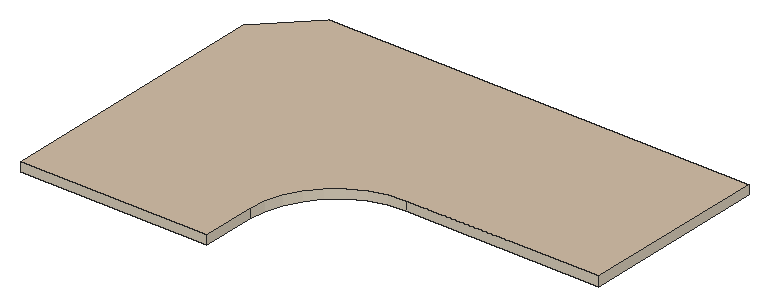
Revit family "M_Sistema de mobiliário-superfície de trabalho-em L com canto quadrado angular", category Sistema de mobiliário, Revit 2019
Family settings
  Cota do conector redondo = Utilizar diâmetro
  Tipo de parte = Normal
  Número OmniClass = 23.40.70.14.64.21
  Título OmniClass = Systems Furniture
  Com base no plano de trabalho = Não
  Sempre na vertical = Sim
  Corte com vazios quando carregada = Não
  Compartilhado = Não
  Ponto de cálculo do ambiente = Não
Parameters (values of type "1500 x 1050 x 600mm")
  Material da superfície de trabalho [instance] = Laminado plástico – Carvalho branco
  Comentários de tipos = "Superfície de trabalho angular em L de canto quadrado de 1050 x 1050 x 600 mm"
  Espessura = 30 mm
  Largura = 1050 mm
  Model = ""
  Manufacturer = ""
  Comprimento = 1500 mm
  Altura = 750 mm
  Material da aresta [instance] = Laminado plástico – Bege – Claro – Suave
  Description = ""
  Linear = 600 mm
Reference planes
  plane 1 "Centro F/T": y = 0
  plane 2: z = 0
  plane 3 "Centro E/D": x = 0
  plane 4: y = -600
  plane 5 "Direita": x = 1500
  plane 6 "Superior": z = 750
  plane 7 "Inferior": z = 720
  plane 8: x = 600
  plane 9 "Parte frontal": y = -1050
  plane 10: y = -879.4
  plane 11: x = 879.4
  plane 12: x = 152.4
  plane 13: y = -152.4
Forms (mm)
  Extrusion 1, solid, material "Laminado plástico – Carvalho branco" <- "Material da superfície de trabalho"
    sketch origin (0, 0, 0) x (1, 0, 0) y (0, 1, 0)
      loop
        line (152.4, 0) -> (0, -152.4) -> (0, -1050) -> (600, -1050) -> (600, -879.4)
        arc (600, -879.4) -> (681.834, -681.834) -> (879.4, -600) r 279.4
        line (879.4, -600) -> (1500, -600) -> (1500, 0) -> (152.4, 0)
    from 720 to 750
Lines and regions (mm)
  Masking region 1
    outline origin (0, 0, 0) x (1, 0, 0) y (0, 1, 0)
      loop
        line (152.4, 0) -> (0, -152.4) -> (0, -1050) -> (600, -1050) -> (600, -879.4)
        arc (600, -879.4) -> (681.834, -681.834) -> (879.4, -600) r 279.4
        line (879.4, -600) -> (1500, -600) -> (1500, 0) -> (152.4, 0)
Dimensions and locks
  "Comprimento": plane 3 "Centro E/D" to plane 5 "Direita"
  "Linear": plane 4 to plane 1 "Centro F/T"
  "Espessura": plane 6 "Superior" to plane 7 "Inferior"
  "Largura": plane 9 "Parte frontal" to plane 1 "Centro F/T"
  "Linear": plane 3 "Centro E/D" to plane 8
  locked: plane 8 to plane 11 at 279.4
  locked: plane 4 to plane 10 at 279.4
  "Altura": plane 6 "Superior" to plane 2
  radius of Extrusion 1 sketch curve = 279.4 mm
  aligned and locked: plane 1 "Centro F/T" to Extrusion 1 sketch curve
  aligned and locked: plane 4 to Extrusion 1 sketch curve
  aligned and locked: plane 3 "Centro E/D" to Extrusion 1 sketch curve  (x2)
  aligned and locked: level to plane 2
  aligned and locked: plane 6 "Superior" to Extrusion 1
  aligned and locked: plane 7 "Inferior" to Extrusion 1
  aligned and locked: plane 3 "Centro E/D" to Masking region 1 sketch curve  (x2)
  aligned and locked: plane 4 to Masking region 1 sketch curve
  aligned and locked: plane 8 to Extrusion 1 sketch curve
  aligned and locked: Extrusion 1 sketch curve to plane 9 "Parte frontal"
  aligned and locked: Extrusion 1 sketch curve to plane 11
  aligned and locked: plane 10 to Extrusion 1 sketch curve  (x2)
  aligned and locked: plane 11 to Extrusion 1 sketch curve
  aligned and locked: Masking region 1 sketch curve to plane 9 "Parte frontal"
  aligned and locked: plane 8 to Masking region 1 sketch curve
  aligned and locked: plane 10 to Masking region 1 sketch curve
  aligned and locked: Masking region 1 sketch curve to plane 11
  aligned and locked: Masking region 1 sketch curve to Extrusion 1
  aligned and locked: plane 5 "Direita" to Masking region 1 sketch curve
  aligned and locked: Extrusion 1 sketch curve to plane 5 "Direita"
  aligned and locked: plane 13 to Masking region 1 sketch curve
  aligned and locked: plane 1 "Centro F/T" to Masking region 1 sketch curve
  aligned and locked: plane 12 to Masking region 1 sketch curve
  aligned and locked: plane 13 to Extrusion 1 sketch curve
  aligned and locked: plane 12 to Extrusion 1 sketch curve
Types in the file's own list only (7): name | Comentários de tipos | Largura | Comprimento
  1650 x 1050 x 600mm | "Superfície de trabalho angular em L de canto quadrado de 1650 x 1050 x 600 mm" | 1050 mm | 1650 mm
  1800 x 1050 x 600mm | "Superfície de trabalho angular em L de canto quadrado de 1800 x 1050 x 600 mm" | 1050 mm | 1800 mm
  1950 x 1050 x 600mm | "Superfície de trabalho angular em L de canto quadrado de 1950 x 1050 x 600 mm" | 1050 mm | 1950 mm
  1500 x 1200 x 600mm | "Superfície de trabalho angular em L de canto quadrado de 1500 x 1200 x 600 mm" | 1200 mm | 1500 mm
  1650 x 1200 x 600mm | "Superfície de trabalho angular em L de canto quadrado de 1650 x 1200 x 600 mm" | 1200 mm | 1650 mm
  1800 x 1200 x 600mm | "Superfície de trabalho angular em L de canto quadrado de 1800 x 1200 x 600 mm" | 1200 mm | 1800 mm
  1950 x 1200 x 600mm | "Superfície de trabalho angular em L de canto quadrado de 1950 x 1200 x 600 mm" | 1200 mm | 1950 mm
